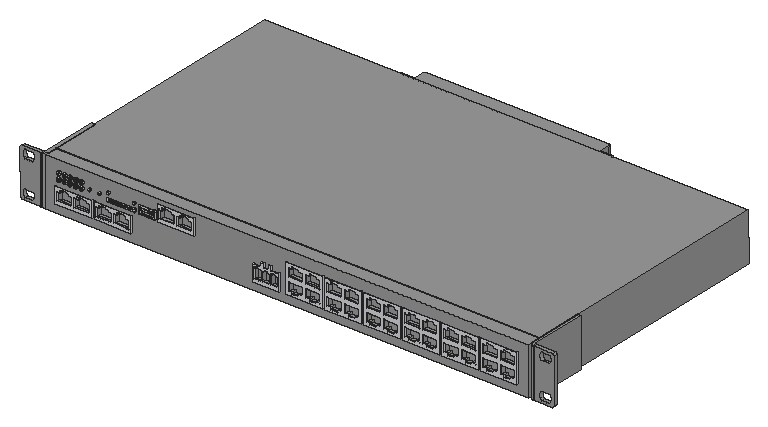
Revit family "MS660301M-V4 CSLC", category Datengeräte, Revit 2023
Family settings
  Bemaßung runder Anschluss = Durchmesser verwenden
  Teiletyp = Normal
  OmniClass-Nummer = 23.85.50.17
  OmniClass-Titel = Communication and Data Processing Equipment
  Arbeitsebenenbasiert = Nein
  Immer vertikal = Ja
  Beim Laden mit Abzugskörper schneiden = Nein
  Beschriftungsausrichtung beibehalten = Nein
  Gemeinsam genutzt = Nein
  Raumberechnungspunkt = Nein
Parameters (values of type "MS660301M-V4 CSLC")
  Vorgabe-Ansicht = 0 mm
  Material 2 = Stahl, 43-245
  Material = Edelstahl AISI 304
  Interface 3 = "2x Smart Sensor Ports"
  Voltage Input = "1x 54VDC"
  Hersteller = "MICROSENS"
  Beschreibung = "Central Smart Lighting Controller DC"
  Interface 5 = "1x USB"
  Artikelnummer = "MS660301M-V4"
  Interface 4 = "2x 10/100TX RJ-45"
  Interface 2 = "1x 10/100/1000T RJ-45"
  Interface 1 = "24x LED-Output RJ-45"
Reference planes
  plane 1 "Mitte (Vorne/Hinten)": y = 232.367
  plane 2: z = 0
  plane 3 "Mitte (Links/Rechts)": x = 6.748
Forms (mm)
  Extrusion 1, solid, material "Edelstahl AISI 304" <- "Material"
    sketch origin (-0.016, 379.081, 0.953) x (1, 0, 0) y (0, 0, 1)
      loop
        line (-210.828, 42.454) -> (-210.828, -0.948) -> (224.172, -0.948) -> (224.172, 42.454) -> (-210.828, 42.454)
    from 234.645 to 246.705
  Extrusion 2, solid, material "Stahl, 43-245"
    sketch origin (0, 7.674, -0.049) x (1, 0, 0) y (0, 1, 0)
      loop
        line (-88.25, 371.762) -> (101.75, 371.762) -> (101.75, 372.806) -> (90.986, 372.806)
        arc (90.986, 372.806) -> (90.466, 373.022) -> (90.25, 373.543) r 0.737
        line (90.25, 373.543) -> (90.25, 382.27)
        arc (90.25, 382.27) -> (89.741, 383.498) -> (88.513, 384.006) r 1.737
        line (88.513, 384.006) -> (-75.014, 384.006)
        arc (-75.014, 384.006) -> (-76.241, 383.498) -> (-76.75, 382.27) r 1.737
        line (-76.75, 382.27) -> (-76.75, 373.543)
        arc (-76.75, 373.543) -> (-76.966, 373.022) -> (-77.487, 372.806) r 0.737
        line (-77.487, 372.806) -> (-88.25, 372.806) -> (-88.25, 371.762)
    from 0 to 43.5
  Extrusion 3, solid
    sketch origin (0, 7.049, -0.049) x (1, 0, 0) y (0, 0, 1)
      loop
        line (214.515, 33.772) -> (181.515, 33.772) -> (181.515, 7.841) -> (214.515, 7.841) -> (214.515, 33.772)
      loop
        line (183.69, 22.541) -> (196.59, 22.541) -> (196.59, 30.291) -> (193.284, 30.291) -> (193.284, 31.931) -> (187.03, 31.931) -> (187.03, 30.291) -> (183.69, 30.291) -> (183.69, 22.541)
      loop
        line (199.44, 22.541) -> (212.34, 22.541) -> (212.34, 30.291) -> (209, 30.291) -> (209, 31.931) -> (202.78, 31.931) -> (202.78, 30.291) -> (199.44, 30.291) -> (199.44, 22.541)
      loop
        line (183.69, 18.981) -> (183.69, 11.247) -> (187.03, 11.247) -> (187.03, 9.599) -> (193.25, 9.599) -> (193.25, 11.247) -> (196.59, 11.247) -> (196.59, 18.981) -> (183.69, 18.981)
      loop
        line (199.44, 18.981) -> (199.44, 11.247) -> (202.78, 11.247) -> (202.78, 9.606) -> (209, 9.606) -> (209, 11.247) -> (212.34, 11.247) -> (212.34, 18.981) -> (199.44, 18.981)
    from -125.326 to -124.527
  Extrusion 4, void
    sketch origin (0, 283.216, -232.415) x (1, 0, 0) y (0, 0, 1)
      loop
        line (199.905, 262.044) -> (199.905, 255.234) -> (211.805, 255.234) -> (211.805, 262.044) -> (208.965, 262.044) -> (208.965, 263.686) -> (202.745, 263.686) -> (202.745, 262.044) -> (199.905, 262.044)
    from 147.46 to 160.434
  Extrusion 5, void
    sketch origin (-15.743, 283.216, -232.429) x (1, 0, 0) y (0, 0, 1)
      loop
        line (199.905, 262.044) -> (199.905, 255.234) -> (211.805, 255.234) -> (211.805, 262.044) -> (208.965, 262.044) -> (208.965, 263.686) -> (202.745, 263.686) -> (202.745, 262.044) -> (199.905, 262.044)
    from 147.46 to 160.434
  Extrusion 6, void
    sketch origin (395.203, 283.216, 274.109) x (-0.999995, 0, -0.003021) y (0.003021, 0, -0.999995)
      loop
        line (199.905, 262.044) -> (199.905, 255.234) -> (211.805, 255.234) -> (211.805, 262.044) -> (208.965, 262.044) -> (208.965, 263.686) -> (202.745, 263.686) -> (202.745, 262.044) -> (199.905, 262.044)
    from 147.46 to 160.434
  Extrusion 7, void
    sketch origin (410.922, 283.216, 274.117) x (-0.999995, 0, -0.003021) y (0.003021, 0, -0.999995)
      loop
        line (199.905, 262.044) -> (199.905, 255.234) -> (211.805, 255.234) -> (211.805, 262.044) -> (208.965, 262.044) -> (208.965, 263.686) -> (202.745, 263.686) -> (202.745, 262.044) -> (199.905, 262.044)
    from 147.46 to 160.434
  Extrusion 8, solid
    sketch origin (-35, 7.049, -0.205) x (1, 0, 0) y (0, 0, 1)
      loop
        line (214.515, 33.772) -> (181.515, 33.772) -> (181.515, 7.841) -> (214.515, 7.841) -> (214.515, 33.772)
      loop
        line (183.69, 22.541) -> (196.59, 22.541) -> (196.59, 30.291) -> (193.284, 30.291) -> (193.284, 31.931) -> (187.03, 31.931) -> (187.03, 30.291) -> (183.69, 30.291) -> (183.69, 22.541)
      loop
        line (199.44, 22.541) -> (212.34, 22.541) -> (212.34, 30.291) -> (209, 30.291) -> (209, 31.931) -> (202.78, 31.931) -> (202.78, 30.291) -> (199.44, 30.291) -> (199.44, 22.541)
      loop
        line (183.69, 18.981) -> (183.69, 11.247) -> (187.03, 11.247) -> (187.03, 9.599) -> (193.25, 9.599) -> (193.25, 11.247) -> (196.59, 11.247) -> (196.59, 18.981) -> (183.69, 18.981)
      loop
        line (199.44, 18.981) -> (199.44, 11.247) -> (202.78, 11.247) -> (202.78, 9.606) -> (209, 9.606) -> (209, 11.247) -> (212.34, 11.247) -> (212.34, 18.981) -> (199.44, 18.981)
    from -125.326 to -124.527
  Extrusion 9, void
    sketch origin (-35, 283.216, -232.415) x (1, 0, 0) y (0, 0, 1)
      loop
        line (199.905, 262.044) -> (199.905, 255.234) -> (211.805, 255.234) -> (211.805, 262.044) -> (208.965, 262.044) -> (208.965, 263.686) -> (202.745, 263.686) -> (202.745, 262.044) -> (199.905, 262.044)
    from 147.46 to 160.434
  Extrusion 10, void
    sketch origin (-50.743, 283.216, -232.429) x (1, 0, 0) y (0, 0, 1)
      loop
        line (199.905, 262.044) -> (199.905, 255.234) -> (211.805, 255.234) -> (211.805, 262.044) -> (208.965, 262.044) -> (208.965, 263.686) -> (202.745, 263.686) -> (202.745, 262.044) -> (199.905, 262.044)
    from 147.46 to 160.434
  Extrusion 11, void
    sketch origin (360.203, 283.216, 274.109) x (-0.999995, 0, -0.003021) y (0.003021, 0, -0.999995)
      loop
        line (199.905, 262.044) -> (199.905, 255.234) -> (211.805, 255.234) -> (211.805, 262.044) -> (208.965, 262.044) -> (208.965, 263.686) -> (202.745, 263.686) -> (202.745, 262.044) -> (199.905, 262.044)
    from 147.46 to 160.434
  Extrusion 12, void
    sketch origin (375.922, 283.216, 274.117) x (-0.999995, 0, -0.003021) y (0.003021, 0, -0.999995)
      loop
        line (199.905, 262.044) -> (199.905, 255.234) -> (211.805, 255.234) -> (211.805, 262.044) -> (208.965, 262.044) -> (208.965, 263.686) -> (202.745, 263.686) -> (202.745, 262.044) -> (199.905, 262.044)
    from 147.46 to 160.434
  Extrusion 13, solid
    sketch origin (-70, 7.049, -0.205) x (1, 0, 0) y (0, 0, 1)
      loop
        line (214.515, 33.772) -> (181.515, 33.772) -> (181.515, 7.841) -> (214.515, 7.841) -> (214.515, 33.772)
      loop
        line (183.69, 22.541) -> (196.59, 22.541) -> (196.59, 30.291) -> (193.284, 30.291) -> (193.284, 31.931) -> (187.03, 31.931) -> (187.03, 30.291) -> (183.69, 30.291) -> (183.69, 22.541)
      loop
        line (199.44, 22.541) -> (212.34, 22.541) -> (212.34, 30.291) -> (209, 30.291) -> (209, 31.931) -> (202.78, 31.931) -> (202.78, 30.291) -> (199.44, 30.291) -> (199.44, 22.541)
      loop
        line (183.69, 18.981) -> (183.69, 11.247) -> (187.03, 11.247) -> (187.03, 9.599) -> (193.25, 9.599) -> (193.25, 11.247) -> (196.59, 11.247) -> (196.59, 18.981) -> (183.69, 18.981)
      loop
        line (199.44, 18.981) -> (199.44, 11.247) -> (202.78, 11.247) -> (202.78, 9.606) -> (209, 9.606) -> (209, 11.247) -> (212.34, 11.247) -> (212.34, 18.981) -> (199.44, 18.981)
    from -125.326 to -124.527
  Extrusion 14, void
    sketch origin (-70, 283.216, -232.415) x (1, 0, 0) y (0, 0, 1)
      loop
        line (199.905, 262.044) -> (199.905, 255.234) -> (211.805, 255.234) -> (211.805, 262.044) -> (208.965, 262.044) -> (208.965, 263.686) -> (202.745, 263.686) -> (202.745, 262.044) -> (199.905, 262.044)
    from 147.46 to 160.434
  Extrusion 15, void
    sketch origin (-85.743, 283.216, -232.429) x (1, 0, 0) y (0, 0, 1)
      loop
        line (199.905, 262.044) -> (199.905, 255.234) -> (211.805, 255.234) -> (211.805, 262.044) -> (208.965, 262.044) -> (208.965, 263.686) -> (202.745, 263.686) -> (202.745, 262.044) -> (199.905, 262.044)
    from 147.46 to 160.434
  Extrusion 16, void
    sketch origin (325.203, 283.216, 274.109) x (-0.999995, 0, -0.003021) y (0.003021, 0, -0.999995)
      loop
        line (199.905, 262.044) -> (199.905, 255.234) -> (211.805, 255.234) -> (211.805, 262.044) -> (208.965, 262.044) -> (208.965, 263.686) -> (202.745, 263.686) -> (202.745, 262.044) -> (199.905, 262.044)
    from 147.46 to 160.434
  Extrusion 17, void
    sketch origin (340.922, 283.216, 274.117) x (-0.999995, 0, -0.003021) y (0.003021, 0, -0.999995)
      loop
        line (199.905, 262.044) -> (199.905, 255.234) -> (211.805, 255.234) -> (211.805, 262.044) -> (208.965, 262.044) -> (208.965, 263.686) -> (202.745, 263.686) -> (202.745, 262.044) -> (199.905, 262.044)
    from 147.46 to 160.434
  Extrusion 18, solid
    sketch origin (-105, 7.049, -0.205) x (1, 0, 0) y (0, 0, 1)
      loop
        line (214.515, 33.772) -> (181.515, 33.772) -> (181.515, 7.841) -> (214.515, 7.841) -> (214.515, 33.772)
      loop
        line (183.69, 22.541) -> (196.59, 22.541) -> (196.59, 30.291) -> (193.284, 30.291) -> (193.284, 31.931) -> (187.03, 31.931) -> (187.03, 30.291) -> (183.69, 30.291) -> (183.69, 22.541)
      loop
        line (199.44, 22.541) -> (212.34, 22.541) -> (212.34, 30.291) -> (209, 30.291) -> (209, 31.931) -> (202.78, 31.931) -> (202.78, 30.291) -> (199.44, 30.291) -> (199.44, 22.541)
      loop
        line (183.69, 18.981) -> (183.69, 11.247) -> (187.03, 11.247) -> (187.03, 9.599) -> (193.25, 9.599) -> (193.25, 11.247) -> (196.59, 11.247) -> (196.59, 18.981) -> (183.69, 18.981)
      loop
        line (199.44, 18.981) -> (199.44, 11.247) -> (202.78, 11.247) -> (202.78, 9.606) -> (209, 9.606) -> (209, 11.247) -> (212.34, 11.247) -> (212.34, 18.981) -> (199.44, 18.981)
    from -125.326 to -124.527
  Extrusion 19, void
    sketch origin (-105, 283.216, -232.415) x (1, 0, 0) y (0, 0, 1)
      loop
        line (199.905, 262.044) -> (199.905, 255.234) -> (211.805, 255.234) -> (211.805, 262.044) -> (208.965, 262.044) -> (208.965, 263.686) -> (202.745, 263.686) -> (202.745, 262.044) -> (199.905, 262.044)
    from 147.46 to 160.434
  Extrusion 20, void
    sketch origin (-120.743, 283.216, -232.429) x (1, 0, 0) y (0, 0, 1)
      loop
        line (199.905, 262.044) -> (199.905, 255.234) -> (211.805, 255.234) -> (211.805, 262.044) -> (208.965, 262.044) -> (208.965, 263.686) -> (202.745, 263.686) -> (202.745, 262.044) -> (199.905, 262.044)
    from 147.46 to 160.434
  Extrusion 21, void
    sketch origin (290.203, 283.216, 274.109) x (-0.999995, 0, -0.003021) y (0.003021, 0, -0.999995)
      loop
        line (199.905, 262.044) -> (199.905, 255.234) -> (211.805, 255.234) -> (211.805, 262.044) -> (208.965, 262.044) -> (208.965, 263.686) -> (202.745, 263.686) -> (202.745, 262.044) -> (199.905, 262.044)
    from 147.46 to 160.434
  Extrusion 22, void
    sketch origin (305.922, 283.216, 274.117) x (-0.999995, 0, -0.003021) y (0.003021, 0, -0.999995)
      loop
        line (199.905, 262.044) -> (199.905, 255.234) -> (211.805, 255.234) -> (211.805, 262.044) -> (208.965, 262.044) -> (208.965, 263.686) -> (202.745, 263.686) -> (202.745, 262.044) -> (199.905, 262.044)
    from 147.46 to 160.434
  Extrusion 23, solid
    sketch origin (-140.166, 7.049, -0.227) x (1, 0, 0) y (0, 0, 1)
      loop
        line (214.515, 33.772) -> (181.515, 33.772) -> (181.515, 7.841) -> (214.515, 7.841) -> (214.515, 33.772)
      loop
        line (183.69, 22.541) -> (196.59, 22.541) -> (196.59, 30.291) -> (193.284, 30.291) -> (193.284, 31.931) -> (187.03, 31.931) -> (187.03, 30.291) -> (183.69, 30.291) -> (183.69, 22.541)
      loop
        line (199.44, 22.541) -> (212.34, 22.541) -> (212.34, 30.291) -> (209, 30.291) -> (209, 31.931) -> (202.78, 31.931) -> (202.78, 30.291) -> (199.44, 30.291) -> (199.44, 22.541)
      loop
        line (183.69, 18.981) -> (183.69, 11.247) -> (187.03, 11.247) -> (187.03, 9.599) -> (193.25, 9.599) -> (193.25, 11.247) -> (196.59, 11.247) -> (196.59, 18.981) -> (183.69, 18.981)
      loop
        line (199.44, 18.981) -> (199.44, 11.247) -> (202.78, 11.247) -> (202.78, 9.606) -> (209, 9.606) -> (209, 11.247) -> (212.34, 11.247) -> (212.34, 18.981) -> (199.44, 18.981)
    from -125.326 to -124.527
  Extrusion 24, void
    sketch origin (-140.117, 283.216, -232.415) x (1, 0, 0) y (0, 0, 1)
      loop
        line (199.905, 262.044) -> (199.905, 255.234) -> (211.805, 255.234) -> (211.805, 262.044) -> (208.965, 262.044) -> (208.965, 263.686) -> (202.745, 263.686) -> (202.745, 262.044) -> (199.905, 262.044)
    from 147.46 to 160.434
  Extrusion 25, void
    sketch origin (-155.87, 283.216, -232.415) x (1, 0, 0) y (0, 0, 1)
      loop
        line (199.905, 262.044) -> (199.905, 255.234) -> (211.805, 255.234) -> (211.805, 262.044) -> (208.965, 262.044) -> (208.965, 263.686) -> (202.745, 263.686) -> (202.745, 262.044) -> (199.905, 262.044)
    from 147.46 to 160.434
  Extrusion 26, void
    sketch origin (255.046, 283.216, 274.07) x (-0.999995, 0, -0.003021) y (0.003021, 0, -0.999995)
      loop
        line (199.905, 262.044) -> (199.905, 255.234) -> (211.805, 255.234) -> (211.805, 262.044) -> (208.965, 262.044) -> (208.965, 263.686) -> (202.745, 263.686) -> (202.745, 262.044) -> (199.905, 262.044)
    from 147.46 to 160.434
  Extrusion 27, void
    sketch origin (270.805, 283.216, 274.098) x (-0.999995, 0, -0.003021) y (0.003021, 0, -0.999995)
      loop
        line (199.905, 262.044) -> (199.905, 255.234) -> (211.805, 255.234) -> (211.805, 262.044) -> (208.965, 262.044) -> (208.965, 263.686) -> (202.745, 263.686) -> (202.745, 262.044) -> (199.905, 262.044)
    from 147.46 to 160.434
  Extrusion 28, solid
    sketch origin (-175.166, 7.049, -0.227) x (1, 0, 0) y (0, 0, 1)
      loop
        line (214.515, 33.772) -> (181.515, 33.772) -> (181.515, 7.841) -> (214.515, 7.841) -> (214.515, 33.772)
      loop
        line (183.69, 22.541) -> (196.59, 22.541) -> (196.59, 30.291) -> (193.284, 30.291) -> (193.284, 31.931) -> (187.03, 31.931) -> (187.03, 30.291) -> (183.69, 30.291) -> (183.69, 22.541)
      loop
        line (199.44, 22.541) -> (212.34, 22.541) -> (212.34, 30.291) -> (209, 30.291) -> (209, 31.931) -> (202.78, 31.931) -> (202.78, 30.291) -> (199.44, 30.291) -> (199.44, 22.541)
      loop
        line (183.69, 18.981) -> (183.69, 11.247) -> (187.03, 11.247) -> (187.03, 9.599) -> (193.25, 9.599) -> (193.25, 11.247) -> (196.59, 11.247) -> (196.59, 18.981) -> (183.69, 18.981)
      loop
        line (199.44, 18.981) -> (199.44, 11.247) -> (202.78, 11.247) -> (202.78, 9.606) -> (209, 9.606) -> (209, 11.247) -> (212.34, 11.247) -> (212.34, 18.981) -> (199.44, 18.981)
    from -125.326 to -124.527
  Extrusion 29, void
    sketch origin (-175.117, 283.216, -232.415) x (1, 0, 0) y (0, 0, 1)
      loop
        line (199.905, 262.044) -> (199.905, 255.234) -> (211.805, 255.234) -> (211.805, 262.044) -> (208.965, 262.044) -> (208.965, 263.686) -> (202.745, 263.686) -> (202.745, 262.044) -> (199.905, 262.044)
    from 147.46 to 160.434
  Extrusion 30, void
    sketch origin (-190.87, 283.216, -232.415) x (1, 0, 0) y (0, 0, 1)
      loop
        line (199.905, 262.044) -> (199.905, 255.234) -> (211.805, 255.234) -> (211.805, 262.044) -> (208.965, 262.044) -> (208.965, 263.686) -> (202.745, 263.686) -> (202.745, 262.044) -> (199.905, 262.044)
    from 147.46 to 160.434
  Extrusion 31, void
    sketch origin (220.046, 283.216, 274.07) x (-0.999995, 0, -0.003021) y (0.003021, 0, -0.999995)
      loop
        line (199.905, 262.044) -> (199.905, 255.234) -> (211.805, 255.234) -> (211.805, 262.044) -> (208.965, 262.044) -> (208.965, 263.686) -> (202.745, 263.686) -> (202.745, 262.044) -> (199.905, 262.044)
    from 147.46 to 160.434
  Extrusion 32, void
    sketch origin (235.805, 283.216, 274.098) x (-0.999995, 0, -0.003021) y (0.003021, 0, -0.999995)
      loop
        line (199.905, 262.044) -> (199.905, 255.234) -> (211.805, 255.234) -> (211.805, 262.044) -> (208.965, 262.044) -> (208.965, 263.686) -> (202.745, 263.686) -> (202.745, 262.044) -> (199.905, 262.044)
    from 147.46 to 160.434
  Extrusion 33, solid
    sketch origin (0, 283.216, -232.415) x (1, 0, 0) y (0, 0, 1)
      loop
        line (-23.221, 239.655) -> (0.179, 239.655) -> (0.179, 254.455) -> (-7.021, 254.455) -> (-7.021, 257.855) -> (-9.521, 257.855) -> (-9.521, 254.455) -> (-13.521, 254.455) -> (-13.521, 257.855) -> (-16.021, 257.855) -> (-16.021, 254.455) -> (-23.221, 254.455) -> (-23.221, 239.655)
      loop
        line (-22.261, 242.574) -> (-15.786, 242.574) -> (-15.786, 251.824) -> (-17.711, 251.824) -> (-17.711, 252.745) -> (-20.611, 252.745) -> (-20.611, 251.824) -> (-22.261, 251.824) -> (-22.261, 242.574)
      loop
        line (-14.916, 242.574) -> (-8.166, 242.574) -> (-8.166, 251.824) -> (-10.091, 251.824) -> (-10.091, 252.745) -> (-12.991, 252.745) -> (-12.991, 251.824) -> (-14.916, 251.824) -> (-14.916, 242.574)
      loop
        line (-7.296, 242.574) -> (-0.821, 242.574) -> (-0.821, 251.824) -> (-2.471, 251.824) -> (-2.471, 252.745) -> (-5.371, 252.745) -> (-5.371, 251.824) -> (-7.296, 251.824) -> (-7.296, 242.574)
    from 150.84 to 151.64
  Extrusion 34, solid
    sketch origin (0, 283.216, -232.415) x (1, 0, 0) y (0, 0, 1)
      loop
        line (-109.371, 257.955) -> (-76.371, 257.955) -> (-76.371, 272.055) -> (-109.371, 272.055) -> (-109.371, 257.955)
      loop
        line (-107.78, 260.695) -> (-93.81, 260.695) -> (-93.81, 268.569) -> (-96.477, 268.569) -> (-96.477, 270.347) -> (-98.89, 270.347) -> (-98.89, 271.236) -> (-102.7, 271.236) -> (-102.7, 270.347) -> (-105.113, 270.347) -> (-105.113, 268.569) -> (-107.78, 268.569) -> (-107.78, 260.695)
      loop
        line (-92.032, 260.695) -> (-78.062, 260.695) -> (-78.062, 268.569) -> (-80.729, 268.569) -> (-80.729, 270.347) -> (-83.142, 270.347) -> (-83.142, 271.236) -> (-86.952, 271.236) -> (-86.952, 270.347) -> (-89.365, 270.347) -> (-89.365, 268.569) -> (-92.032, 268.569) -> (-92.032, 260.695)
    from 150.84 to 151.64
  Extrusion 35, solid
    sketch origin (-56.717, 283.216, -250.315) x (1, 0, 0) y (0, 0, 1)
      loop
        line (-109.371, 257.955) -> (-76.371, 257.955) -> (-76.371, 272.055) -> (-109.371, 272.055) -> (-109.371, 257.955)
      loop
        line (-107.78, 260.695) -> (-93.81, 260.695) -> (-93.81, 268.569) -> (-96.477, 268.569) -> (-96.477, 270.347) -> (-98.89, 270.347) -> (-98.89, 271.236) -> (-102.7, 271.236) -> (-102.7, 270.347) -> (-105.113, 270.347) -> (-105.113, 268.569) -> (-107.78, 268.569) -> (-107.78, 260.695)
      loop
        line (-92.032, 260.695) -> (-78.062, 260.695) -> (-78.062, 268.569) -> (-80.729, 268.569) -> (-80.729, 270.347) -> (-83.142, 270.347) -> (-83.142, 271.236) -> (-86.952, 271.236) -> (-86.952, 270.347) -> (-89.365, 270.347) -> (-89.365, 268.569) -> (-92.032, 268.569) -> (-92.032, 260.695)
    from 150.84 to 151.64
  Extrusion 36, solid
    sketch origin (-92.17, 283.216, -250.315) x (1, 0, 0) y (0, 0, 1)
      loop
        line (-109.371, 257.955) -> (-76.371, 257.955) -> (-76.371, 272.055) -> (-109.371, 272.055) -> (-109.371, 257.955)
      loop
        line (-107.78, 260.695) -> (-93.81, 260.695) -> (-93.81, 268.569) -> (-96.477, 268.569) -> (-96.477, 270.347) -> (-98.89, 270.347) -> (-98.89, 271.236) -> (-102.7, 271.236) -> (-102.7, 270.347) -> (-105.113, 270.347) -> (-105.113, 268.569) -> (-107.78, 268.569) -> (-107.78, 260.695)
      loop
        line (-92.032, 260.695) -> (-78.062, 260.695) -> (-78.062, 268.569) -> (-80.729, 268.569) -> (-80.729, 270.347) -> (-83.142, 270.347) -> (-83.142, 271.236) -> (-86.952, 271.236) -> (-86.952, 270.347) -> (-89.365, 270.347) -> (-89.365, 268.569) -> (-92.032, 268.569) -> (-92.032, 260.695)
    from 150.84 to 151.64
  Extrusion 37, solid
    sketch origin (0, 283.216, -232.415) x (1, 0, 0) y (0, 0, 1)
      loop
        line (-126.471, 264.855) -> (-126.471, 259.255)
        arc (-126.471, 259.255) -> (-126.178, 258.548) -> (-125.471, 258.255) r 1
        line (-125.471, 258.255) -> (-112.371, 258.255)
        arc (-112.371, 258.255) -> (-111.663, 258.548) -> (-111.371, 259.255) r 1
        line (-111.371, 259.255) -> (-111.371, 264.855)
        arc (-111.371, 264.855) -> (-111.663, 265.562) -> (-112.371, 265.855) r 1
        line (-112.371, 265.855) -> (-125.471, 265.855)
        arc (-125.471, 265.855) -> (-126.178, 265.562) -> (-126.471, 264.855) r 1
      loop
        line (-125.071, 264.605) -> (-125.071, 259.105) -> (-112.671, 259.105) -> (-112.671, 264.605) -> (-125.071, 264.605)
    from 150.84 to 151.64
  Extrusion 38, solid
    sketch origin (0, 283.216, -232.415) x (1, 0, 0) y (0, 0, 1)
      loop
        line (-124.365, 262.053) -> (-113.348, 262.053) -> (-113.348, 263.837) -> (-124.365, 263.837) -> (-124.365, 262.053)
      loop
        line (-124.121, 263.355) -> (-124.121, 262.305) -> (-113.621, 262.305) -> (-113.621, 263.355) -> (-124.121, 263.355)
    from 150.84 to 151.64
  Extrusion 39, solid
    sketch origin (0, 283.216, -232.415) x (1, 0, 0) y (0, 0, 1)
      loop
        circle (-198.221, 265.585) r 1.75
      loop
        circle (-198.221, 265.575) r 1.524
    from 150.84 to 151.64
  Extrusion 40, solid
    sketch origin (5.08, 283.216, -232.415) x (1, 0, 0) y (0, 0, 1)
      loop
        circle (-198.221, 265.585) r 1.75
      loop
        circle (-198.221, 265.575) r 1.524
    from 150.84 to 151.64
  Extrusion 41, solid
    sketch origin (10.16, 283.216, -232.415) x (1, 0, 0) y (0, 0, 1)
      loop
        circle (-198.221, 265.585) r 1.75
      loop
        circle (-198.221, 265.575) r 1.524
    from 150.84 to 151.64
  Extrusion 42, solid
    sketch origin (15.24, 283.216, -232.415) x (1, 0, 0) y (0, 0, 1)
      loop
        circle (-198.221, 265.585) r 1.75
      loop
        circle (-198.221, 265.575) r 1.524
    from 150.84 to 151.64
  Extrusion 43, solid
    sketch origin (20.32, 283.216, -232.415) x (1, 0, 0) y (0, 0, 1)
      loop
        circle (-198.221, 265.585) r 1.75
      loop
        circle (-198.221, 265.575) r 1.524
    from 150.84 to 151.64
  Extrusion 44, solid
    sketch origin (20.32, 283.216, -237.495) x (1, 0, 0) y (0, 0, 1)
      loop
        circle (-198.221, 265.585) r 1.75
      loop
        circle (-198.221, 265.575) r 1.524
    from 150.84 to 151.64
  Extrusion 45, solid
    sketch origin (15.24, 283.216, -237.495) x (1, 0, 0) y (0, 0, 1)
      loop
        circle (-198.221, 265.585) r 1.75
      loop
        circle (-198.221, 265.575) r 1.524
    from 150.84 to 151.64
  Extrusion 46, solid
    sketch origin (10.16, 283.216, -237.495) x (1, 0, 0) y (0, 0, 1)
      loop
        circle (-198.221, 265.585) r 1.75
      loop
        circle (-198.221, 265.575) r 1.524
    from 150.84 to 151.64
  Extrusion 47, solid
    sketch origin (5.08, 283.216, -237.495) x (1, 0, 0) y (0, 0, 1)
      loop
        circle (-198.221, 265.585) r 1.75
      loop
        circle (-198.221, 265.575) r 1.524
    from 150.84 to 151.64
  Extrusion 48, solid
    sketch origin (0, 283.216, -237.495) x (1, 0, 0) y (0, 0, 1)
      loop
        circle (-198.221, 265.585) r 1.75
      loop
        circle (-198.221, 265.575) r 1.524
    from 150.84 to 151.64
  Extrusion 49, solid
    sketch origin (0, 283.216, -232.415) x (1, 0, 0) y (0, 0, 1)
      loop
        circle (-170.571, 261.955) r 1
    from 150.84 to 151.64
  Extrusion 50, solid
    sketch origin (9, 283.216, -232.415) x (1, 0, 0) y (0, 0, 1)
      loop
        circle (-170.571, 261.955) r 1
    from 150.84 to 151.64
  Extrusion 51, solid
    sketch origin (16.861, 283.216, -228.915) x (1, 0, 0) y (0, 0, 1)
      loop
        circle (-170.571, 261.955) r 1
    from 150.84 to 151.64
  Extrusion 52, solid
    sketch origin (40.048, 283.216, -228.915) x (1, 0, 0) y (0, 0, 1)
      loop
        circle (-170.571, 261.955) r 1
    from 150.84 to 151.64
  Extrusion 53, void
    sketch origin (0, 283.216, -232.415) x (1, 0, 0) y (0, 0, 1)
      loop
        line (-7.296, 242.574) -> (-0.821, 242.574) -> (-0.821, 251.824) -> (-2.471, 251.824) -> (-2.471, 252.745) -> (-5.371, 252.745) -> (-5.371, 251.824) -> (-7.296, 251.824) -> (-7.296, 242.574)
    from 147.46 to 160.434
  Extrusion 54, void
    sketch origin (-7.62, 283.216, -232.415) x (1, 0, 0) y (0, 0, 1)
      loop
        line (-7.296, 242.574) -> (-0.546, 242.574) -> (-0.546, 251.824) -> (-2.471, 251.824) -> (-2.471, 252.745) -> (-5.371, 252.745) -> (-5.371, 251.824) -> (-7.296, 251.824) -> (-7.296, 242.574)
    from 147.46 to 160.434
  Extrusion 55, void
    sketch origin (-15.051, 283.216, -232.415) x (1, 0, 0) y (0, 0, 1)
      loop
        line (-7.209, 242.574) -> (-0.734, 242.574) -> (-0.734, 251.824) -> (-2.659, 251.824) -> (-2.659, 252.745) -> (-5.559, 252.745) -> (-5.559, 251.824) -> (-7.209, 251.824) -> (-7.209, 242.574)
    from 147.46 to 160.434
  Extrusion 56, void
    sketch origin (0, 283.216, -232.415) x (1, 0, 0) y (0, 0, 1)
      loop
        line (-106.701, 261.203) -> (-94.788, 261.203) -> (-94.788, 268.036) -> (-96.693, 268.036) -> (-96.693, 269.738) -> (-99.221, 269.738) -> (-99.221, 270.576) -> (-102.269, 270.576) -> (-102.269, 269.738) -> (-104.787, 269.738) -> (-104.787, 268.036) -> (-106.701, 268.036) -> (-106.701, 261.203)
    from 147.46 to 160.434
  Extrusion 57, void
    sketch origin (15.765, 283.216, -232.415) x (1, 0, 0) y (0, 0, 1)
      loop
        line (-106.701, 261.203) -> (-94.788, 261.203) -> (-94.788, 268.036) -> (-96.693, 268.036) -> (-96.693, 269.738) -> (-99.221, 269.738) -> (-99.221, 270.576) -> (-102.269, 270.576) -> (-102.269, 269.738) -> (-104.787, 269.738) -> (-104.787, 268.036) -> (-106.701, 268.036) -> (-106.701, 261.203)
    from 147.46 to 160.434
  Extrusion 58, void
    sketch origin (-40.923, 283.216, -250.142) x (1, 0, 0) y (0, 0, 1)
      loop
        line (-106.701, 261.203) -> (-94.788, 261.203) -> (-94.788, 268.036) -> (-96.693, 268.036) -> (-96.693, 269.738) -> (-99.221, 269.738) -> (-99.221, 270.576) -> (-102.269, 270.576) -> (-102.269, 269.738) -> (-104.787, 269.738) -> (-104.787, 268.036) -> (-106.701, 268.036) -> (-106.701, 261.203)
    from 147.46 to 160.434
  Extrusion 59, void
    sketch origin (-56.657, 283.216, -250.142) x (1, 0, 0) y (0, 0, 1)
      loop
        line (-106.701, 261.203) -> (-94.788, 261.203) -> (-94.788, 268.036) -> (-96.693, 268.036) -> (-96.693, 269.738) -> (-99.221, 269.738) -> (-99.221, 270.576) -> (-102.269, 270.576) -> (-102.269, 269.738) -> (-104.787, 269.738) -> (-104.787, 268.036) -> (-106.701, 268.036) -> (-106.701, 261.203)
    from 147.46 to 160.434
  Extrusion 60, void
    sketch origin (-76.332, 283.216, -250.142) x (1, 0, 0) y (0, 0, 1)
      loop
        line (-106.701, 261.203) -> (-94.788, 261.203) -> (-94.788, 268.036) -> (-96.693, 268.036) -> (-96.693, 269.738) -> (-99.221, 269.738) -> (-99.221, 270.576) -> (-102.269, 270.576) -> (-102.269, 269.738) -> (-104.787, 269.738) -> (-104.787, 268.036) -> (-106.701, 268.036) -> (-106.701, 261.203)
    from 147.46 to 160.434
  Extrusion 61, void
    sketch origin (-92.093, 283.216, -250.142) x (1, 0, 0) y (0, 0, 1)
      loop
        line (-106.701, 261.203) -> (-94.788, 261.203) -> (-94.788, 268.036) -> (-96.693, 268.036) -> (-96.693, 269.738) -> (-99.221, 269.738) -> (-99.221, 270.576) -> (-102.269, 270.576) -> (-102.269, 269.738) -> (-104.787, 269.738) -> (-104.787, 268.036) -> (-106.701, 268.036) -> (-106.701, 261.203)
    from 147.46 to 160.434
  Extrusion 62, solid
    sketch origin (0, 283.216, -232.415) x (1, 0, 0) y (0, 0, 1)
      loop
        line (-153.771, 257.955) -> (-130.421, 257.955)
        arc (-130.421, 257.955) -> (-129.713, 258.248) -> (-129.421, 258.955) r 1
        line (-129.421, 258.955) -> (-129.421, 260.355)
        arc (-129.421, 260.355) -> (-129.713, 261.062) -> (-130.421, 261.355) r 1
        line (-130.421, 261.355) -> (-153.771, 261.355)
        arc (-153.771, 261.355) -> (-154.478, 261.062) -> (-154.771, 260.355) r 1
        line (-154.771, 260.355) -> (-154.771, 258.955)
        arc (-154.771, 258.955) -> (-154.478, 258.248) -> (-153.771, 257.955) r 1
      loop
        line (-153.314, 260.555) -> (-153.314, 258.755) -> (-130.846, 258.755) -> (-130.846, 260.555) -> (-153.314, 260.555)
    from 150.46 to 151.35
  Extrusion 63, void
    sketch origin (0, 283.216, -232.415) x (1, 0, 0) y (0, 0, 1)
      loop
        line (-153.096, 260.255) -> (-153.096, 259.155) -> (-131.096, 259.155) -> (-131.096, 260.255) -> (-153.096, 260.255)
    from 138.78 to 166.609
  Extrusion 64, void
    sketch origin (0, 283.216, -232.415) x (1, 0, 0) y (0, 0, 1)
      loop
        line (-125.071, 262.055) -> (-125.071, 259.105) -> (-112.671, 259.105) -> (-112.671, 262.055) -> (-125.071, 262.055)
    from 147.46 to 160.434
  Extrusion 65, solid, material "Stahl, 43-245"
    sketch origin (0, 283.216, -0.049) x (0, -1, 0) y (1, 0, 0)
      loop
        line (138.78, -210.844) -> (138.78, 224.156) -> (-96.22, 224.156) -> (-96.22, -210.844) -> (138.78, -210.844)
    from 43.5 to 0
  Extrusion 66, solid, material "Stahl, 43-245"
    sketch origin (-0.021, 283.216, -232.504) x (1, 0, 0) y (0, 0, 1)
      loop
        line (228.179, 275.955) -> (228.179, 232.455) -> (245.679, 232.455) -> (247.179, 233.955) -> (247.179, 274.455) -> (245.679, 275.955) -> (228.179, 275.955)
      loop
        arc (235.577, 273.83) -> (233.979, 270.08) -> (235.577, 266.33) r 5.2
        line (235.577, 266.33) -> (242.782, 266.33)
        arc (242.782, 266.33) -> (244.379, 270.08) -> (242.782, 273.83) r 5.2
        line (242.782, 273.83) -> (235.577, 273.83)
      loop
        arc (235.577, 242.08) -> (233.979, 238.33) -> (235.577, 234.58) r 5.2
        line (235.577, 234.58) -> (242.782, 234.58)
        arc (242.782, 234.58) -> (244.379, 238.33) -> (242.782, 242.08) r 5.2
        line (242.782, 242.08) -> (235.577, 242.08)
    from 147.46 to 150.46
  Extrusion 67, solid, material "Stahl, 43-245"
    sketch origin (-0.02, -226.492, 0.009) x (1, 0, 0) y (0, 1, 0)
      loop
        line (224.179, 414.208) -> (224.179, 363.208)
        arc (224.179, 363.208) -> (225.351, 360.38) -> (228.178, 359.208) r 4
        line (228.178, 359.208) -> (228.178, 362.208)
        arc (228.178, 362.208) -> (227.472, 362.501) -> (227.179, 363.208) r 1
        line (227.179, 363.208) -> (227.179, 414.208) -> (224.179, 414.208)
    from -0.058 to 43.442
  Extrusion 68, solid, material "Stahl, 43-245"
    sketch origin (13.517, 283.216, -232.45) x (-1, 0, 0) y (0, 0, -1)
      loop
        line (228.179, -275.955) -> (245.679, -275.955) -> (247.179, -274.455) -> (247.179, -233.955) -> (245.679, -232.455) -> (228.179, -232.455) -> (228.179, -275.955)
      loop
        line (235.577, -273.83) -> (242.782, -273.83)
        arc (242.782, -273.83) -> (244.379, -270.08) -> (242.782, -266.33) r 5.2
        line (242.782, -266.33) -> (235.577, -266.33)
        arc (235.577, -266.33) -> (233.979, -270.08) -> (235.577, -273.83) r 5.2
      loop
        line (235.577, -242.08) -> (242.782, -242.08)
        arc (242.782, -242.08) -> (244.379, -238.33) -> (242.782, -234.58) r 5.2
        line (242.782, -234.58) -> (235.577, -234.58)
        arc (235.577, -234.58) -> (233.979, -238.33) -> (235.577, -242.08) r 5.2
    from 147.46 to 150.46
  Extrusion 69, solid, material "Stahl, 43-245"
    sketch origin (13.457, -226.492, 0.064) x (-1, 0, 0) y (0, -1, 0)
      loop
        line (224.302, -414.208) -> (227.179, -414.208) -> (227.179, -363.208)
        arc (227.179, -363.208) -> (227.672, -362.346) -> (228.664, -362.333) r 1
        line (228.664, -362.333) -> (228.664, -359.224)
        arc (228.664, -359.224) -> (225.604, -360.254) -> (224.302, -363.208) r 4
        line (224.302, -363.208) -> (224.302, -414.208)
    from -0.058 to 43.442
Cuts and joins
  Extrusion 4, Extrusion 5, Extrusion 6, Extrusion 7, Extrusion 9, Extrusion 10, Extrusion 11, Extrusion 12, Extrusion 14, Extrusion 15, Extrusion 16, Extrusion 17, Extrusion 19, Extrusion 20, Extrusion 21, Extrusion 22, Extrusion 24, Extrusion 25, Extrusion 26, Extrusion 27, Extrusion 29, Extrusion 30, Extrusion 31, Extrusion 32, Extrusion 53, Extrusion 54, Extrusion 55, Extrusion 56, Extrusion 57, Extrusion 58, Extrusion 59, Extrusion 60, Extrusion 61, Extrusion 63, Extrusion 64 cuts Extrusion 1
  Extrusion 5, Extrusion 9, Extrusion 10 cuts Extrusion 3
  Extrusion 9, Extrusion 14, Extrusion 15 cuts Extrusion 8
  Extrusion 14, Extrusion 19, Extrusion 20 cuts Extrusion 13
  Extrusion 19, Extrusion 24, Extrusion 25 cuts Extrusion 18
  Extrusion 29 cuts Extrusion 23
  Extrusion 29 cuts Extrusion 28
  Extrusion 54, Extrusion 55 cuts Extrusion 33
Dimensions and locks
  Extrusion 2 to Extrusion 65 = 236.045 mm
  aligned and locked: Extrusion 56 to Extrusion 4
  aligned and locked: Extrusion 65 sketch curve to cut or joined group of Extrusion 1, Extrusion 4, Extrusion 5, Extrusion 6, Extrusion 7, Extrusion 9, Extrusion 10, Extrusion 11, Extrusion 12, Extrusion 14, Extrusion 15, Extrusion 16, Extrusion 17, Extrusion 19, Extrusion 20, Extrusion 21, Extrusion 22, Extrusion 24, Extrusion 25, Extrusion 26, Extrusion 27, Extrusion 29, Extrusion 30, Extrusion 31, Extrusion 32, Extrusion 53, Extrusion 54, Extrusion 55, Extrusion 56, Extrusion 57, Extrusion 58, Extrusion 59, Extrusion 60, Extrusion 61, Extrusion 63, Extrusion 64  (x2)
  aligned and locked: Extrusion 2 to Extrusion 65
  aligned and locked: Extrusion 67 to Extrusion 66
  aligned and locked: Extrusion 65 to Extrusion 2
